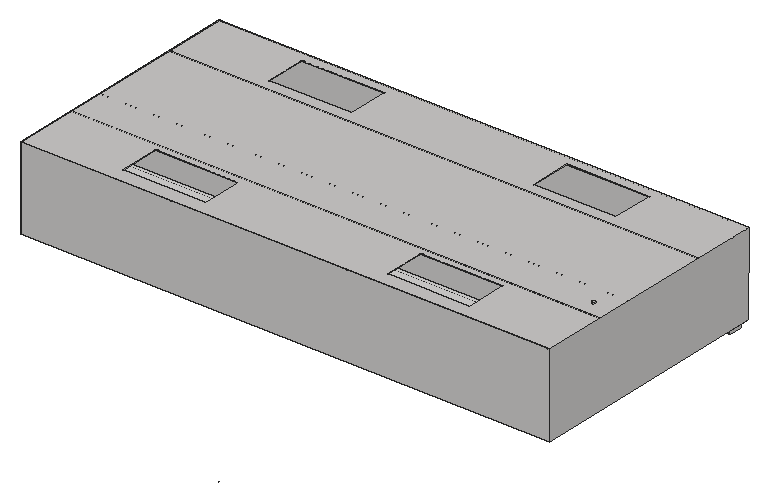
Revit family "QF_ELECTROLUXPROFESSIONAL_641262_STPF1532", category Specialty Equipment, Revit 2014
Reference planes
  plane 1: z = 0
  plane 2 "Center (Left/Right)": x = 150
  plane 3 "LEFT": x = -1450
  plane 4 "RIGHT": x = 1750
  plane 5 "BACK": y = 550
  plane 6 "TOP": z = 2500
  plane 7 "Base": z = 2000
  plane 8: z = 1955
  plane 9 "DrainY": y = 490
  plane 10: x = -1447
  plane 11 "DrainX": x = 1630
  plane 12 "AOLeft2": x = -400
  plane 13 "AORight1": x = 700
  plane 14: x = 1747
  plane 15: x = -1250
  plane 16: x = 1550
  plane 17 "Center (Front/Back)": y = -100
  plane 18 "Front": y = -950
  plane 19 "AOLeft1": x = -900
  plane 20 "AORight2": x = 1200
  plane 21: y = -864
  plane 22: y = -614
  plane 23: y = 240
  plane 24: y = 490
  plane 25 "EI_y": y = -470
  plane 26 "EIx": x = 1630
Forms (mm)
  Extrusion 1, solid, material "QF_Finishes_Stainless Steel"
    sketch origin (-1450, 0, 360) x (0, 1, 0) y (0, 0, 1)
      loop
        line (550, 1640) -> (550, 2140) -> (-950, 2140) -> (-950, 1640) -> (550, 1640)
    from 0 to 3
  Extrusion 2, solid, material "QF_Finishes_Stainless Steel"
    sketch origin (1750, 0, 360) x (0, 1, 0) y (0, 0, 1)
      loop
        line (550, 1640) -> (550, 2140) -> (-950, 2140) -> (-950, 1640) -> (550, 1640)
    from 0 to -3
  Extrusion 3, solid, material "QF_Finishes_Stainless Steel"
    sketch origin (150, 0, 360) x (0, 1, 0) y (0, 0, 1)
      loop
        line (-950, 2140) -> (-950, 1640) -> (-940, 1640) -> (-940, 1640.8) -> (-949.2, 1640.8) -> (-949.2, 2139.19) -> (549.2, 2139.19) -> (549.2, 1640.8) -> (540, 1640.8) -> (540, 1640) -> (550, 1640) -> (550, 2140) -> (-950, 2140)
    from -1600 to 1600
  Extrusion 4, solid, material "QF_Finishes_Stainless Steel"
    sketch origin (0, 0, 2000) x (0, 1, 0) y (-1, 0, 0)
      loop
        circle (490, -1630) r 4.763
    from -30 to 0
  Extrusion 5, void
    sketch origin (0, 0, 2500) x (0, 1, 0) y (-1, 0, 0)
      loop
        line (-614, 400) -> (-614, 900) -> (-864, 900) -> (-864, 400) -> (-614, 400)
    from 0 to -10
  Extrusion 6, solid, material "QF_Finishes_Stainless Steel"
    sketch origin (0, 0, 0) x (1, 0, 0) y (0, 1, 0)
      loop
        line (-1450, 550) -> (-1450, 549) -> (-1449, 549) -> (-1449, 550) -> (-1450, 550)
    from 0 to 1
  Extrusion 7, solid, material "QF_LAMPS"
    sketch origin (150, 0, 360) x (0, 1, 0) y (0, 0, 1)
      loop
        line (-572.823, 1962.324) -> (-418.948, 2086.929) -> (-427.129, 2097.032) -> (-581.003, 1972.426) -> (-572.823, 1962.324)
    from 1597 to -1597
  Sweep 8, solid, material "QF_Finishes_Stainless Steel"
    path origin (0, 0, 0) x (1, 0, 0) y (0, 1, 0)
      loop
        line (1750, 550) -> (-1450, 550) -> (-1450, -950) -> (1750, -950) -> (1750, 550)
    profile origin (1750, -200, 0) x (1, 0, 0) y (0, 0, 1)
      loop
        line (-3, 2000) -> (-3, 2000.8) -> (-19, 2000.8) -> (-19, 2010) -> (-20, 2010) -> (-20, 2000) -> (-3, 2000)
  Extrusion 9, solid, material "QF_Finishes_Stainless Steel"
    sketch origin (150, 0, 0) x (0, 1, 0) y (0, 0, 1)
      loop
        line (414.66, 2095.469) -> (440.643, 2110.471) -> (261.744, 2411.771) -> (235.948, 2396.455) -> (414.66, 2095.469)
    from -1597 to -1400
  Extrusion 10, void
    sketch origin (1134.605, 0, 2500) x (0, 1, 0) y (-1, 0, 0)
      loop
        line (-614, -65.395) -> (-614, 434.605) -> (-864, 434.605) -> (-864, -65.395) -> (-614, -65.395)
    from 0 to -10
  Extrusion 11, solid, material "QF_Finishes_Stainless Steel"
    sketch origin (1630, 0, 0) x (0, 1, 0) y (0, 0, 1)
      loop
        line (539, 2000) -> (441, 2000) -> (441, 1989) -> (448.5, 1989) -> (448.5, 1965)
        arc (448.5, 1965) -> (451.429, 1957.929) -> (458.5, 1955) r 10
        line (458.5, 1955) -> (521.5, 1955)
        arc (521.5, 1955) -> (528.571, 1957.929) -> (531.5, 1965) r 10
        line (531.5, 1965) -> (531.5, 1989) -> (539, 1989) -> (539, 2000)
    from 90 to -90
  Extrusion 12, solid, material "QF_Finishes_Stainless Steel"
    sketch origin (150, 0, 0) x (0, 1, 0) y (0, 0, 1)
      loop
        line (414.66, 2095.469) -> (440.643, 2110.471) -> (261.744, 2411.771) -> (235.948, 2396.455) -> (414.66, 2095.469)
    from 1400 to 1597
  Extrusion 13, solid, material "QF_Finished_Chrome"
    sketch origin (150, 0, 0) x (0, 1, 0) y (0, 0, 1)
      loop
        line (414.66, 2095.469) -> (440.643, 2110.471) -> (261.744, 2411.771) -> (235.948, 2396.455) -> (414.66, 2095.469)
    from -1400 to 1400
  Extrusion 14, void
    sketch origin (0, 1180, 2500) x (0, 1, 0) y (-1, 0, 0)
      loop
        line (-690, 400) -> (-690, 900) -> (-940, 900) -> (-940, 400) -> (-690, 400)
    from 0 to -10
  Extrusion 15, void
    sketch origin (1600, 1180, 2500) x (0, 1, 0) y (-1, 0, 0)
      loop
        line (-690, 400) -> (-690, 900) -> (-940, 900) -> (-940, 400) -> (-690, 400)
    from 0 to -10
  Extrusion 16, solid, material "QF_Finishes_Stainless Steel"
    sketch origin (0, 0, 2500) x (0, 1, 0) y (-1, 0, 0)
      loop
        circle (-470, -1630) r 10
    from 0 to 1.6
  Extrusion 17, solid, material "QF_Finishes_Stainless Steel"
    sketch origin (150, 0, 360) x (0, 1, 0) y (0, 0, 1)
      loop
        line (430.005, 1640) -> (540, 1640) -> (540, 1640.8) -> (430.467, 1640.8) -> (371.906, 1742.23) -> (414.858, 1734.657) -> (442.266, 1750.481) -> (442.266, 1765.943) -> (441.466, 1765.943) -> (441.466, 1750.943) -> (414.709, 1735.495) -> (321.153, 1751.991) -> (320.875, 1750.416) -> (371.4, 1741.507) -> (430.005, 1640)
      loop
        line (172.529, 2139.19) -> (242.893, 2017.316) -> (245.133, 2018.715) -> (240.13, 2027.381) -> (238.569, 2026.405) -> (173.453, 2139.19) -> (172.529, 2139.19)
    from -1597 to 1597
  Extrusion 18, solid, material "QF_Finishes_Stainless Steel"
    sketch origin (150, 200.8, 360) x (0, 1, 0) y (0, 0, 1)
      loop
        line (-1150, 2139.19) -> (-1150, 1640) -> (-1086.602, 1640) -> (-999.146, 1690.493) -> (-1010.058, 1709.394) -> (-1066.564, 1676.77) -> (-1114.704, 1680.982) -> (-1149.2, 1730.248) -> (-1149.2, 2139.19) -> (-1150, 2139.19)
      loop
        line (-773.6, 1961.694) -> (-781.937, 1971.99) -> (-769.095, 1982.182) -> (-769.095, 2139.19) -> (-769.895, 2139.19) -> (-769.895, 1982.569) -> (-1082.298, 1734.63) -> (-1071.091, 1720.79) -> (-773.6, 1961.694)
      loop
        line (-627.61, 2099.216) -> (-618.171, 2087.559) -> (-554.411, 2139.19) -> (-555.682, 2139.19) -> (-618.052, 2088.684) -> (-626.989, 2099.719) -> (-627.61, 2099.216)
    from -1597 to 1597
  Extrusion 19, solid, material "QF_Finishes_Stainless Steel"
    sketch origin (0, 0, 2500) x (0, 1, 0) y (-1, 0, 0)
      loop
        circle (-470, -1630) r 10
    from 0 to 1.6
Cuts and joins
  Extrusion 5, Extrusion 10, Extrusion 14, Extrusion 15 cuts Extrusion 3
  joined: Extrusion 2, Extrusion 3, Sweep 8
Lines and regions (mm)
  symbolic lines, style "SpecialityEquipment", detail levels coarse
    curve 1: line (1750, 550, 2500) -> (-1450, 550, 2500)
    curve 2: line (-1450, 550, 2500) -> (-1450, -950, 2500)
    curve 3: line (1750, -950, 2500) -> (1750, 550, 2500)
    curve 4: line (-1450, 550, 0) -> (1750, -950, 0)
    curve 5: line (1750, 550, 0) -> (-1450, -950, 0)
    curve 6: line (-1450, -950, 0) -> (1750, -950, 0)
  symbolic lines, detail levels coarse
    curve 7: line (-900, 240, 2500) -> (-400, 240, 2500)
    curve 8: line (-900, 490, 2500) -> (-900, 240, 2500)
    curve 9: line (-400, 490, 2500) -> (-900, 490, 2500)
    curve 10: line (-400, 240, 2500) -> (-400, 490, 2500)
    curve 11: line (700, 490, 2500) -> (700, 240, 2500)
    curve 12: line (1200, 490, 2500) -> (700, 490, 2500)
    curve 13: line (700, 240, 2500) -> (1200, 240, 2500)
    curve 14: line (1200, 240, 2500) -> (1200, 490, 2500)
    curve 15: line (-900, -614, 2500) -> (-400, -614, 2500)
    curve 16: line (-900, -864, 2500) -> (-900, -614, 2500)
    curve 17: line (-400, -864, 2500) -> (-900, -864, 2500)
    curve 18: line (-400, -614, 2500) -> (-400, -864, 2500)
    curve 19: line (700, -614, 2500) -> (1200, -614, 2500)
    curve 20: line (700, -864, 2500) -> (700, -614, 2500)
    curve 21: line (1200, -864, 2500) -> (700, -864, 2500)
    curve 22: line (1200, -614, 2500) -> (1200, -864, 2500)
Dimensions and locks
  plane 3 "LEFT" to plane 4 "RIGHT" = 3200 mm
  equal spacing: plane 3 "LEFT", plane 2 "Center (Left/Right)", plane 4 "RIGHT"
  plane 7 "Base" to plane 8 = 45 mm
  plane 5 "BACK" to plane 9 "DrainY" = 60 mm  (x2)
  plane 3 "LEFT" to plane 10 = 3 mm
  plane 11 "DrainX" to plane 4 "RIGHT" = 120 mm
  plane 14 to plane 4 "RIGHT" = 3 mm
  plane 3 "LEFT" to plane 15 = 200 mm
  plane 16 to plane 4 "RIGHT" = 200 mm
  locked: plane 12 "AOLeft2" to plane 13 "AORight1" at 1100
  equal spacing: plane 12 "AOLeft2", plane 2 "Center (Left/Right)", plane 13 "AORight1"
  locked: plane 7 "Base" to level at 2000
  locked: plane 6 "TOP" to plane 7 "Base" at 500
  locked: plane 19 "AOLeft1" to plane 12 "AOLeft2" at 500
  locked: plane 13 "AORight1" to plane 20 "AORight2" at 500
  locked: plane 22 to plane 21 at 250
  locked: plane 21 to plane 18 "Front" at 86
  locked: plane 24 to plane 23 at 250
  locked: plane 5 "BACK" to plane 24 at 60
  locked: plane 25 "EI_y" to plane 18 "Front" at 480
  locked: plane 26 "EIx" to plane 4 "RIGHT" at 120
  locked: plane 5 "BACK" to plane 18 "Front" at 1500
  plane 5 "BACK" to plane 18 "Front" = 1500 mm
  aligned and locked: level to plane 1
  aligned and locked: plane 4 "RIGHT" to Extrusion 3
  aligned and locked: Extrusion 3 to plane 3 "LEFT"
  aligned and locked: Extrusion 2 to plane 14
  aligned and locked: Extrusion 9 to plane 10
  aligned and locked: Extrusion 5 to plane 19 "AOLeft1"
  aligned and locked: Extrusion 5 to plane 12 "AOLeft2"
  aligned and locked: plane 20 "AORight2" to Extrusion 10
  aligned and locked: plane 13 "AORight1" to Extrusion 10
  aligned and locked: plane 15 to Extrusion 9
  aligned and locked: plane 16 to Extrusion 12
  aligned and locked: plane 14 to Extrusion 12
  aligned and locked: Extrusion 13 to plane 15
  aligned and locked: Extrusion 13 to plane 16
  aligned and locked: plane 14 to Extrusion 7
  aligned and locked: Extrusion 7 to plane 10
  aligned and locked: Extrusion 14 to plane 23
  aligned and locked: plane 24 to Extrusion 14
  aligned and locked: plane 24 to Extrusion 15
  aligned and locked: Extrusion 15 to plane 23
  aligned and locked: plane 13 "AORight1" to Extrusion 15
  aligned and locked: plane 20 "AORight2" to Extrusion 15
  aligned and locked: Extrusion 14 to plane 19 "AOLeft1"
  aligned and locked: Extrusion 14 to plane 12 "AOLeft2"
  aligned and locked: Extrusion 17 to plane 10
  aligned and locked: plane 14 to Extrusion 17
  aligned and locked: Extrusion 5 to plane 21
  aligned and locked: plane 22 to Extrusion 5
  aligned and locked: Extrusion 10 to plane 21
  aligned and locked: Extrusion 18 to plane 10
  aligned and locked: plane 14 to Extrusion 18
Automatic sketch dimensions
  curve 6 to plane 3 "LEFT" = 0 mm
  curve 4 to plane 3 "LEFT" = 0 mm
  curve 5 to plane 4 "RIGHT" = 0 mm
  curve 6 to plane 4 "RIGHT" = 0 mm
  curve 4 to plane 18 "Front" = 0 mm
  curve 5 to plane 5 "BACK" = 0 mm
  curve 4 to plane 5 "BACK" = 0 mm
  Extrusion 1 sketch curve to plane 7 "Base" = 0 mm
  Extrusion 1 sketch curve to plane 18 "Front" = 0 mm
  Extrusion 1 sketch curve to plane 5 "BACK" = 0 mm
  Extrusion 1 sketch curve to plane 6 "TOP" = 0 mm
  Extrusion 2 sketch curve to plane 7 "Base" = 0 mm
  Extrusion 2 sketch curve to plane 18 "Front" = 0 mm
  Extrusion 2 sketch curve to plane 5 "BACK" = 0 mm
  Extrusion 2 sketch curve to plane 6 "TOP" = 0 mm
  Extrusion 3 sketch curve to plane 6 "TOP" = 0 mm
  Extrusion 3 sketch curve to plane 18 "Front" = 0 mm
  Extrusion 3 sketch curve to plane 7 "Base" = 0 mm  (x2)
  Extrusion 3 sketch curve to plane 5 "BACK" = 0 mm
  plane 18 "Front" to Extrusion 3 sketch curve = 0.8 mm
  Extrusion 3 sketch curve to Extrusion 3 sketch curve = 9.2 mm
  plane 7 "Base" to Extrusion 3 sketch curve = 0.8 mm  (x2)
  Extrusion 3 sketch curve to plane 5 "BACK" = 10 mm
  Extrusion 3 sketch curve to plane 5 "BACK" = 0.8 mm
  Extrusion 3 sketch curve to plane 6 "TOP" = 0.81 mm
  Extrusion 4 sketch curve to plane 9 "DrainY" = 0 mm
  Extrusion 4 sketch curve to plane 11 "DrainX" = 0 mm
  Extrusion 5 sketch curve to plane 12 "AOLeft2" = 0 mm
  Extrusion 5 sketch curve to plane 21 = 0 mm
  Extrusion 5 sketch curve to plane 22 = 0 mm
  Extrusion 5 sketch curve to plane 19 "AOLeft1" = 0 mm
  Extrusion 6 sketch curve to plane 3 "LEFT" = 0 mm
  Extrusion 6 sketch curve to plane 5 "BACK" = 0 mm
  plane 3 "LEFT" to Extrusion 6 sketch curve = 1 mm
  Extrusion 6 sketch curve to Extrusion 6 sketch curve = 1 mm
  plane 22 to Extrusion 7 sketch curve = 32.997 mm
  Extrusion 7 sketch curve to Extrusion 7 sketch curve = 8.181 mm  (x2)
  plane 25 "EI_y" to Extrusion 7 sketch curve = 42.871 mm
  Extrusion 7 sketch curve to plane 6 "TOP" = 177.676 mm
  Extrusion 7 sketch curve to Extrusion 7 sketch curve = 10.102 mm
  Extrusion 7 sketch curve to plane 6 "TOP" = 53.071 mm
  Extrusion 7 sketch curve to Extrusion 7 sketch curve = 10.103 mm
  Sweep 8 sketch curve to plane 3 "LEFT" = 0 mm
  Sweep 8 sketch curve to plane 4 "RIGHT" = 0 mm
  Sweep 8 sketch curve to plane 18 "Front" = 0 mm
  Sweep 8 sketch curve to plane 5 "BACK" = 0 mm
  profile plane to Sweep 8 sketch curve = 20 mm
  Sweep 8 sketch curve to Sweep 8 sketch curve = 1 mm
  profile plane to Sweep 8 sketch curve = 3 mm
  level to Sweep 8 sketch curve = 2000 mm
  Sweep 8 sketch curve to Sweep 8 sketch curve = 0.8 mm
  Sweep 8 sketch curve to Sweep 8 sketch curve = 9.2 mm
  Extrusion 9 sketch curve to plane 23 = 4.052 mm
  plane 23 to Extrusion 9 sketch curve = 21.744 mm
  Extrusion 9 sketch curve to plane 9 "DrainY" = 75.34 mm
  Extrusion 9 sketch curve to Extrusion 9 sketch curve = 25.983 mm
  plane 7 "Base" to Extrusion 9 sketch curve = 95.469 mm
  Extrusion 9 sketch curve to Extrusion 9 sketch curve = 15.001 mm
  Extrusion 9 sketch curve to plane 6 "TOP" = 103.545 mm
  Extrusion 9 sketch curve to Extrusion 9 sketch curve = 15.316 mm
  Extrusion 10 sketch curve to plane 20 "AORight2" = 0 mm
  Extrusion 10 sketch curve to plane 21 = 0 mm
  Extrusion 10 sketch curve to plane 22 = 0 mm
  Extrusion 10 sketch curve to plane 13 "AORight1" = 0 mm
  Extrusion 11 sketch curve to plane 8 = 0 mm
  Extrusion 11 sketch curve to plane 7 "Base" = 11 mm  (x2)
  Extrusion 11 sketch curve to plane 9 "DrainY" = 49 mm
  Extrusion 11 sketch curve to Extrusion 11 sketch curve = 7.5 mm  (x2)
  Extrusion 11 sketch curve to Extrusion 11 sketch curve = 10 mm
  Extrusion 11 sketch curve to plane 5 "BACK" = 28.5 mm
  Extrusion 11 sketch curve to plane 5 "BACK" = 18.5 mm
  plane 7 "Base" to Extrusion 11 sketch curve = 0 mm
  Extrusion 12 sketch curve to plane 23 = 4.052 mm
  plane 23 to Extrusion 12 sketch curve = 21.744 mm
  Extrusion 12 sketch curve to plane 9 "DrainY" = 75.34 mm
  Extrusion 12 sketch curve to Extrusion 12 sketch curve = 25.983 mm
  plane 7 "Base" to Extrusion 12 sketch curve = 95.469 mm
  Extrusion 12 sketch curve to Extrusion 12 sketch curve = 15.001 mm
  Extrusion 12 sketch curve to plane 6 "TOP" = 103.545 mm
  Extrusion 12 sketch curve to Extrusion 12 sketch curve = 15.316 mm
  Extrusion 13 sketch curve to plane 23 = 4.052 mm
  plane 23 to Extrusion 13 sketch curve = 21.744 mm
  Extrusion 13 sketch curve to plane 9 "DrainY" = 75.34 mm
  Extrusion 13 sketch curve to Extrusion 13 sketch curve = 25.983 mm
  plane 7 "Base" to Extrusion 13 sketch curve = 95.469 mm
  Extrusion 13 sketch curve to Extrusion 13 sketch curve = 15.001 mm
  Extrusion 13 sketch curve to plane 6 "TOP" = 103.545 mm
  Extrusion 13 sketch curve to Extrusion 13 sketch curve = 15.316 mm
  Extrusion 14 sketch curve to plane 12 "AOLeft2" = 0 mm
  Extrusion 14 sketch curve to plane 23 = 0 mm
  Extrusion 14 sketch curve to plane 9 "DrainY" = 0 mm
  Extrusion 14 sketch curve to plane 19 "AOLeft1" = 0 mm
  Extrusion 15 sketch curve to plane 20 "AORight2" = 0 mm
  Extrusion 15 sketch curve to plane 23 = 0 mm
  Extrusion 15 sketch curve to plane 9 "DrainY" = 0 mm
  Extrusion 15 sketch curve to plane 13 "AORight1" = 0 mm
  Extrusion 16 sketch curve to plane 25 "EI_y" = 0 mm
  Extrusion 16 sketch curve to plane 26 "EIx" = 0 mm
  Extrusion 17 sketch curve to plane 7 "Base" = 0 mm
  Extrusion 17 sketch curve to plane 6 "TOP" = 0.81 mm
  Extrusion 17 sketch curve to plane 23 = 67.471 mm
  Extrusion 17 sketch curve to Extrusion 17 sketch curve = 0.924 mm
  Extrusion 17 sketch curve to plane 23 = 1.431 mm
  plane 23 to Extrusion 17 sketch curve = 0.13 mm
  plane 23 to Extrusion 17 sketch curve = 2.893 mm
  Extrusion 17 sketch curve to Extrusion 17 sketch curve = 2.24 mm
  plane 23 to Extrusion 17 sketch curve = 80.875 mm
  Extrusion 17 sketch curve to Extrusion 17 sketch curve = 0.278 mm
  Extrusion 17 sketch curve to Extrusion 17 sketch curve = 50.525 mm
  Extrusion 17 sketch curve to Extrusion 17 sketch curve = 0.506 mm
  Extrusion 17 sketch curve to Extrusion 17 sketch curve = 42.803 mm
  Extrusion 17 sketch curve to Extrusion 17 sketch curve = 0.148 mm
  Extrusion 17 sketch curve to plane 9 "DrainY" = 59.995 mm
  plane 7 "Base" to Extrusion 17 sketch curve = 0.8 mm
  Extrusion 17 sketch curve to Extrusion 17 sketch curve = 0.462 mm  (x2)
  Extrusion 17 sketch curve to Extrusion 17 sketch curve = 109.533 mm
  Extrusion 17 sketch curve to Extrusion 17 sketch curve = 26.757 mm
  Extrusion 17 sketch curve to Extrusion 17 sketch curve = 0.8 mm
  plane 7 "Base" to Extrusion 17 sketch curve = 94.657 mm
  Extrusion 17 sketch curve to Extrusion 17 sketch curve = 0.838 mm
  Extrusion 17 sketch curve to Extrusion 17 sketch curve = 6.012 mm
  Extrusion 17 sketch curve to Extrusion 17 sketch curve = 0.723 mm
  Extrusion 17 sketch curve to Extrusion 17 sketch curve = 14.986 mm
  Extrusion 17 sketch curve to Extrusion 17 sketch curve = 15 mm
  Extrusion 17 sketch curve to plane 6 "TOP" = 122.684 mm
  Extrusion 17 sketch curve to Extrusion 17 sketch curve = 1.399 mm
  Extrusion 17 sketch curve to Extrusion 17 sketch curve = 9.089 mm
  Extrusion 17 sketch curve to Extrusion 17 sketch curve = 0.975 mm
  Extrusion 18 sketch curve to plane 7 "Base" = 0 mm
  plane 18 "Front" to Extrusion 18 sketch curve = 0.8 mm
  Extrusion 18 sketch curve to Extrusion 18 sketch curve = 0.8 mm  (x2)
  plane 18 "Front" to Extrusion 18 sketch curve = 36.096 mm
  Extrusion 18 sketch curve to plane 21 = 21.802 mm
  Extrusion 18 sketch curve to plane 21 = 17.498 mm
  Extrusion 18 sketch curve to plane 21 = 6.291 mm
  Extrusion 18 sketch curve to plane 21 = 1.764 mm
  plane 21 to Extrusion 18 sketch curve = 54.742 mm
  Extrusion 18 sketch curve to Extrusion 18 sketch curve = 10.912 mm
  plane 22 to Extrusion 18 sketch curve = 32.863 mm
  Extrusion 18 sketch curve to Extrusion 18 sketch curve = 8.337 mm
  Extrusion 18 sketch curve to Extrusion 18 sketch curve = 12.042 mm
  plane 25 "EI_y" to Extrusion 18 sketch curve = 43.19 mm
  Extrusion 18 sketch curve to Extrusion 18 sketch curve = 0.622 mm
  Extrusion 18 sketch curve to Extrusion 18 sketch curve = 9.44 mm
  Extrusion 18 sketch curve to Extrusion 18 sketch curve = 0.118 mm
  Extrusion 18 sketch curve to plane 6 "TOP" = 0.81 mm  (x3)
  Extrusion 18 sketch curve to Extrusion 18 sketch curve = 62.37 mm
  Extrusion 18 sketch curve to Extrusion 18 sketch curve = 1.271 mm
  plane 7 "Base" to Extrusion 18 sketch curve = 36.77 mm
  plane 7 "Base" to Extrusion 18 sketch curve = 40.982 mm
  plane 7 "Base" to Extrusion 18 sketch curve = 50.493 mm
  Extrusion 18 sketch curve to Extrusion 18 sketch curve = 18.901 mm
  Extrusion 18 sketch curve to Extrusion 18 sketch curve = 44.02 mm
  Extrusion 18 sketch curve to Extrusion 18 sketch curve = 49.266 mm
  Extrusion 18 sketch curve to Extrusion 18 sketch curve = 13.84 mm
  Extrusion 18 sketch curve to plane 6 "TOP" = 178.306 mm
  Extrusion 18 sketch curve to Extrusion 18 sketch curve = 10.296 mm
  Extrusion 18 sketch curve to Extrusion 18 sketch curve = 10.192 mm
  Extrusion 18 sketch curve to Extrusion 18 sketch curve = 0.386 mm
  Extrusion 18 sketch curve to plane 6 "TOP" = 52.441 mm
  Extrusion 18 sketch curve to Extrusion 18 sketch curve = 1.125 mm
  Extrusion 19 sketch curve to plane 25 "EI_y" = 0 mm
  Extrusion 19 sketch curve to plane 26 "EIx" = 0 mm
  curve 2 to plane 3 "LEFT" = 0 mm
  curve 2 to plane 18 "Front" = 0 mm
  curve 3 to plane 4 "RIGHT" = 0 mm
  curve 3 to plane 18 "Front" = 0 mm
  curve 21 to plane 13 "AORight1" = 0 mm
  curve 21 to plane 21 = 0 mm
  curve 18 to plane 12 "AOLeft2" = 0 mm
  curve 18 to plane 21 = 0 mm
  curve 19 to plane 20 "AORight2" = 0 mm
  curve 19 to plane 22 = 0 mm
  curve 15 to plane 22 = 0 mm
  curve 13 to plane 13 "AORight1" = 0 mm
  curve 13 to plane 23 = 0 mm
  curve 10 to plane 12 "AOLeft2" = 0 mm
  curve 10 to plane 23 = 0 mm
  curve 14 to plane 9 "DrainY" = 0 mm
  curve 10 to plane 9 "DrainY" = 0 mm
  curve 2 to plane 5 "BACK" = 0 mm
  curve 14 to plane 20 "AORight2" = 0 mm
  curve 17 to plane 19 "AOLeft1" = 0 mm
  curve 7 to plane 19 "AOLeft1" = 0 mm
  radius of Extrusion 4 sketch curve = 4.763 mm
  radius of Extrusion 16 sketch curve = 10 mm
  radius of Extrusion 19 sketch curve = 10 mm
Connectors
  piping at (1630, 490, 1970), diameter 9.5
    settings: on Extrusion 4, index 1, connector inside diameter 609.6 mm, connector length 0 mm, flow factor 0, pipe flow 0.0 L/s, pressure drop 0.0 Pa, fitting loss kfactor 0, connector angle 0.00°, fixture units 0, engagement length 0 mm, angle of deflection 0.00°, flow configuration 1, flow direction 2, fitting loss method 0, system type 16, joint type 0, gender type 0, connector reference index -1, connector utility 0, adjustable connector no, is connector primary yes, connector description "Drain"
  hvac at (-650, -739, 2500)
    settings: on Extrusion 5, index 2, duct flow 0.0 L/s, flow factor 0, pres drop 0.0 Pa, loss coef 0, conn angle 0.00°, conn width 250 mm, conn height 500 mm, conn diameter 609.6 mm, duct sys type 1, conn prof type 1, flow config 1, flow direction 1, loss method 0, conn ref index -1, conn util no, is conn primary yes, conn desc "AIR INLET"
  hvac at (950, -739, 2500)
    settings: on Extrusion 10, index 3, duct flow 0.0 L/s, flow factor 0, pres drop 0.0 Pa, loss coef 0, conn angle 0.00°, conn width 250 mm, conn height 500 mm, conn diameter 609.6 mm, duct sys type 1, conn prof type 1, flow config 1, flow direction 1, loss method 0, conn ref index -1, conn util no, is conn primary no, conn desc "AIR INLET"
  hvac at (-650, 365, 2500)
    settings: on Extrusion 14, index 4, duct flow 0.0 L/s, flow factor 0, pres drop 0.0 Pa, loss coef 0, conn angle 0.00°, conn width 250 mm, conn height 500 mm, conn diameter 609.6 mm, duct sys type 3, conn prof type 1, flow config 1, flow direction 2, loss method 0, conn ref index -1, conn util no, is conn primary no, conn desc "EXHAUST OUTLET"
  hvac at (950, 365, 2500)
    settings: on Extrusion 15, index 5, duct flow 0.0 L/s, flow factor 0, pres drop 0.0 Pa, loss coef 0, conn angle 0.00°, conn width 250 mm, conn height 500 mm, conn diameter 609.6 mm, duct sys type 3, conn prof type 1, flow config 1, flow direction 2, loss method 0, conn ref index -1, conn util no, is conn primary no, conn desc "EXHAUST OUTLET"
  electrical at (1630, -470, 2501.6)
    settings: on Extrusion 16, index 6, voltage 0 V, apparent load 0 VA, apparent load phase1 0 VA, apparent load phase2 0 VA, apparent load phase3 0 VA, power factor 1, load classification "Other", number of poles 1, system type 30, power factor state 1, is connector primary yes, connector utility no, sub classification motor no, connector description "Electrical Connection"
  electrical at (1630, -470, 2501.6)
    settings: on Extrusion 19, index 12, voltage 0 V, apparent load 0 VA, apparent load phase1 0 VA, apparent load phase2 0 VA, apparent load phase3 0 VA, power factor 1, load classification "Other", number of poles 1, system type 30, power factor state 1, is connector primary no, connector utility no, sub classification motor no, connector description ""
